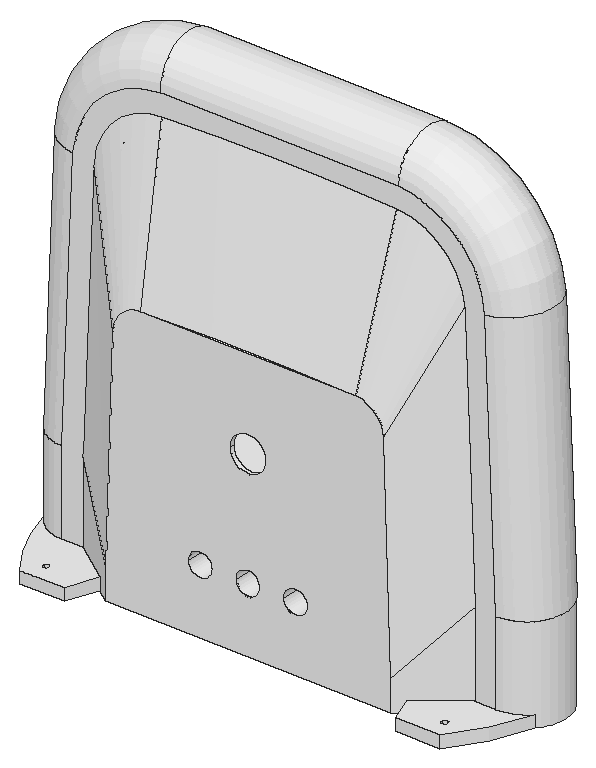
Revit family "Plumbing-Lavatories-Sloan-Valve-SS3065_", category Plumbing Fixtures, host Face, Revit 2019
Family settings
  Host = Face
  Round Connector Dimension = Use Diameter
  Part Type = Normal
  OmniClass Number = 23.45.05.14.14
  OmniClass Title = Sinks/Lavatories
  Cut with Voids When Loaded = Yes
  Shared = No
  Room Calculation Point = No
Parameters (values of type "SS-3065")
  Width = 21 1/2"  # constant formula
  Water Flow = 0 GPM
  Waste Connection = yes
  WFU = 2
  Vent Connection = yes
  Valve Pressure Drop = 0.00 psi
  URL = "www.sloanvalve.com"
  Shroud Visibility [instance] = yes
  Sanitary Drain Connector Description = "Sanitary Drain Connector d1 1/2\""
  Sanitary Drain Connection Diameter = 1 1/2"  # constant formula
  Product data url = "https://bimobject.com/sloan_valve/product/lavatories_sloan_ss-3065"
  Product Material = Sloan Valve - Vitreous China - White
  Product Guid = ""
  Part Number = "3873065"
  Model = "SS-3065"
  Manufacturer = "Sloan Valve"  # constant formula
  Keynote = "10000"
  Installation Height [instance] = 34"  # constant formula
  Hot Water Connector Description = "Hot Water Connector d1/2\""
  Hot Water Connection Diameter = 1/2"  # constant formula
  Height = 5 3/4"  # constant formula
  HWFU = 1.5
  HW Connection = yes
  Edition number = 1
  Description = "Vitreous China Wall-Mounted Ledgeback Lavatory."
  Depth = 20 1/2"  # constant formula
  Default Elevation = 0"
  Cold Water Connector Description = "Cold Water Connector d1/2\""
  Cold Water Connection Diameter = 1/2"  # constant formula
  CWFU = 1.5
  CW Connection = yes
  Assembly Code = "D2010400"
  ADA Compliant [instance] = 1 = 1  # yes
Types (3): name | Product Material | Part Number | Model | Description
  (no name) | Sloan Valve - Vitreous China - White | "3873065" | "SS-3065" | "Vitreous China Wall-Mounted Ledgeback Lavatory."
  SS-3065 | Sloan Valve - Vitreous China - White | "3873065" | "SS-3065" | "Vitreous China Wall-Mounted Ledgeback Lavatory."
  SS-3065-STG | Sloan Valve - Vitreous China - SloanTec Glaze White | "3873075" | "SS-3065-STG" | "Vitreous China Wall-Mounted Ledgeback Lavatory with SloanTec® Glaze."
Reference planes (in)
  plane 1 "Center (Front/Back)": y = 0
  plane 2: z = 0
  plane 3 "Center (Left/Right)": x = 0
  plane 4: x = -8.37453
  plane 5: y = 29
  plane 6: x = 2.00047
  plane 7: x = -1.99953
  plane 8: y = 34
  plane 9: x = -8.37453
  plane 10: y = 29
  plane 11: x = 2.00047
  plane 12: x = -1.99953
  plane 13: y = 34
Forms (in)
  Extrusion 1, solid, not visible
    sketch origin (0.00047, 34, 0) x (1, 0, 0) y (0, 1, 0)
      loop
        circle (0, -12) r 0.75
      loop
        circle (-1.75, -10) r 0.25
      loop
        circle (1.75, -10) r 0.25
    from 0 to 0.03278
  Sweep 2, solid, material "Sloan Valve - Vitreous China - White" <- "Product Material"
    path origin (0.00047, 34, 0) x (1, 0, 0) y (0, 0, 1)
      loop
        line (10.75, 0) -> (10.75, 4)
        arc (10.75, 4) -> (10.63473, 9.67543) -> (10.2891, 15.34149) r 139.77197
        arc (10.2891, 15.34149) -> (8.62245, 18.85679) -> (5.04692, 20.38998) r 5.5
        arc (5.04692, 20.38998) -> (0, 20.5) -> (-5.04692, 20.38998) r 115.8125
        arc (-5.04692, 20.38998) -> (-8.62245, 18.85679) -> (-10.2891, 15.34149) r 5.5
        arc (-10.2891, 15.34149) -> (-10.63473, 9.67543) -> (-10.75, 4) r 139.77197
        line (-10.75, 4) -> (-10.75, 0)
    profile origin (0.00047, 34, 20.5) x (0, 0, -1) y (0, -1, 0)
      loop
        arc (1.625, 3.25) -> (0, 1.625) -> (1.625, 0) r 1.625
        line (1.625, 0) -> (2.75, 0)
        arc (2.75, 0) -> (3.10355, 0.14645) -> (3.25, 0.5) r 0.5
        line (3.25, 0.5) -> (3.25, 3.25) -> (1.625, 3.25)
  Extrusion 3, solid, material "Sloan Valve - Vitreous China - White" <- "Product Material"
    sketch origin (0.00047, 34, 0) x (1, 0, 0) y (0, 1, 0)
      loop
        line (6.05085, -3.41482) -> (6.90078, -5.75) -> (8.75702, -5.75)
        arc (8.75702, -5.75) -> (9.91302, -3.86846) -> (10.53777, -1.75038) r 8.38585
        line (10.53777, -1.75038) -> (8.17985, -1.75038) -> (8.17985, -1.90656)
        arc (8.17985, -1.90656) -> (7.73809, -2.97306) -> (6.67158, -3.41482) r 1.50826
        line (6.67158, -3.41482) -> (6.05085, -3.41482)
      loop
        line (-6.17585, -3.41482) -> (-6.79658, -3.41482)
        arc (-6.79658, -3.41482) -> (-7.86309, -2.97306) -> (-8.30485, -1.90656) r 1.50826
        line (-8.30485, -1.90656) -> (-8.30485, -1.75038) -> (-10.66277, -1.75038)
        arc (-10.66277, -1.75038) -> (-10.03802, -3.86846) -> (-8.88202, -5.75) r 8.38585
        line (-8.88202, -5.75) -> (-7.02578, -5.75) -> (-6.17585, -3.41482)
      loop
        circle (-8.375, -5) r 0.125
      loop
        circle (8.375, -5) r 0.125
    from 0 to 0.5
  Blend 4, solid, material "Sloan Valve - Vitreous China - White" <- "Product Material"
    base sketch origin (0.00047, 34, 0) x (1, 0, 0) y (0, 0, 1)
      loop
        arc (-7.04982, 15.07778) -> (-6.368, 16.51585) -> (-4.90529, 17.14307) r 2.25
        arc (-4.90529, 17.14307) -> (0, 17.25) -> (4.90529, 17.14307) r 112.5625
        arc (4.90529, 17.14307) -> (6.368, 16.51585) -> (7.04982, 15.07778) r 2.25
        arc (7.04982, 15.07778) -> (7.38741, 9.54346) -> (7.5, 4) r 136.52197
        line (7.5, 4) -> (7.5, 0) -> (8.25, 0) -> (8.25, 4)
        arc (8.25, 4) -> (8.13679, 9.57391) -> (7.79734, 15.13863) r 137.27197
        arc (7.79734, 15.13863) -> (6.88826, 17.05607) -> (4.93797, 17.89235) r 3
        arc (4.93797, 17.89235) -> (0, 18) -> (-4.93797, 17.89235) r 113.3125
        arc (-4.93797, 17.89235) -> (-6.88826, 17.05607) -> (-7.79734, 15.13863) r 3
        arc (-7.79734, 15.13863) -> (-8.13679, 9.57391) -> (-8.25, 4) r 137.27197
        line (-8.25, 4) -> (-8.25, 0) -> (-7.5, 0) -> (-7.5, 4)
        arc (-7.5, 4) -> (-7.38741, 9.54346) -> (-7.04982, 15.07778) r 136.52197
    top sketch origin (0.00047, 34, 0) x (1, 0, 0) y (0, 0, 1)
      loop
        arc (-5.70027, 10.24166) -> (-5.92505, 5.74833) -> (-6, 1.25) r 135.02197
        line (-6, 1.25) -> (-6, 0) -> (-5.25, 0) -> (-5.25, 1.25)
        arc (-5.25, 1.25) -> (-5.17546, 5.72334) -> (-4.95194, 10.19172) r 134.27197
        arc (-4.95194, 10.19172) -> (-4.80206, 10.51646) -> (-4.4736, 10.658) r 0.5
        arc (-4.4736, 10.658) -> (0, 10.75) -> (4.4736, 10.658) r 108.8125
        arc (4.4736, 10.658) -> (4.80206, 10.51646) -> (4.95194, 10.19172) r 0.5
        arc (4.95194, 10.19172) -> (5.17546, 5.72334) -> (5.25, 1.25) r 134.27197
        line (5.25, 1.25) -> (5.25, 0) -> (6, 0) -> (6, 1.25)
        arc (6, 1.25) -> (5.92505, 5.74833) -> (5.70027, 10.24166) r 135.02197
        arc (5.70027, 10.24166) -> (5.32558, 11.05351) -> (4.50444, 11.40737) r 1.25
        arc (4.50444, 11.40737) -> (0, 11.5) -> (-4.50444, 11.40737) r 109.5625
        arc (-4.50444, 11.40737) -> (-5.32558, 11.05351) -> (-5.70027, 10.24166) r 1.25
    from 3.25 to 4.87009
  Extrusion 5, solid, material "Sloan Valve - Vitreous China - White" <- "Product Material"
    sketch origin (0.00047, 34, 0) x (1, 0, 0) y (0, 0, 1)
      loop
        arc (-5.70027, 10.24166) -> (-5.92505, 5.74833) -> (-6, 1.25) r 135.02197
        line (-6, 1.25) -> (-6, 0) -> (6, 0) -> (6, 1.25)
        arc (6, 1.25) -> (5.92505, 5.74833) -> (5.70027, 10.24166) r 135.02197
        arc (5.70027, 10.24166) -> (5.32558, 11.05351) -> (4.50444, 11.40737) r 1.25
        arc (4.50444, 11.40737) -> (0, 11.5) -> (-4.50444, 11.40737) r 109.5625
        arc (-4.50444, 11.40737) -> (-5.32558, 11.05351) -> (-5.70027, 10.24166) r 1.25
    from 4.70234 to 4.87009
  Extrusion 6, solid, material "Sloan Valve - Vitreous China - White" <- "Product Material"
    sketch origin (0.00047, 34, 0) x (1, 0, 0) y (0, 1, 0)
      loop
        line (-8.25, -0.1875) -> (-8.25, -2.90689) -> (-5.67692, -4.77634) -> (5.67692, -4.77634) -> (8.25, -2.90689) -> (8.25, -0.1875) -> (-8.25, -0.1875)
    from 0 to 5.22164
  Extrusion 7, void
    sketch origin (0.00047, 34, 0) x (1, 0, 0) y (0, 0, 1)
      loop
        circle (2, 2.75) r 0.5
      loop
        circle (0, 2.75) r 0.5
      loop
        circle (-2, 2.75) r 0.5
      loop
        circle (0, 7.625) r 0.75
    from -3.79383 to 8.56662
  Extrusion 8, solid, not visible
    sketch origin (0.00047, 34, 0) x (1, 0, 0) y (0, 1, 0)
      loop
        circle (0, -12) r 0.75
      loop
        circle (-1.75, -10) r 0.25
      loop
        circle (1.75, -10) r 0.25
    from 0 to 0.03278
  Sweep 9, solid, material "Sloan Valve - Vitreous China - White" <- "Product Material", not visible
    path origin (0.00047, 34, 0) x (1, 0, 0) y (0, 0, 1)
      loop
        line (10.75, 0) -> (10.75, 4)
        arc (10.75, 4) -> (10.63473, 9.67543) -> (10.2891, 15.34149) r 139.77197
        arc (10.2891, 15.34149) -> (8.62245, 18.85679) -> (5.04692, 20.38998) r 5.5
        arc (5.04692, 20.38998) -> (0, 20.5) -> (-5.04692, 20.38998) r 115.8125
        arc (-5.04692, 20.38998) -> (-8.62245, 18.85679) -> (-10.2891, 15.34149) r 5.5
        arc (-10.2891, 15.34149) -> (-10.63473, 9.67543) -> (-10.75, 4) r 139.77197
        line (-10.75, 4) -> (-10.75, 0)
    profile origin (0.00047, 34, 20.5) x (0, 0, -1) y (0, -1, 0)
      loop
        arc (1.625, 3.25) -> (0, 1.625) -> (1.625, 0) r 1.625
        line (1.625, 0) -> (2.75, 0)
        arc (2.75, 0) -> (3.10355, 0.14645) -> (3.25, 0.5) r 0.5
        line (3.25, 0.5) -> (3.25, 3.25) -> (1.625, 3.25)
  Extrusion 10, solid, material "Sloan Valve - Vitreous China - White" <- "Product Material", not visible
    sketch origin (0.00047, 34, 0) x (1, 0, 0) y (0, 1, 0)
      loop
        line (6.05085, -3.41482) -> (6.90078, -5.75) -> (8.75702, -5.75)
        arc (8.75702, -5.75) -> (9.91302, -3.86846) -> (10.53777, -1.75038) r 8.38585
        line (10.53777, -1.75038) -> (8.17985, -1.75038) -> (8.17985, -1.90656)
        arc (8.17985, -1.90656) -> (7.73809, -2.97306) -> (6.67158, -3.41482) r 1.50826
        line (6.67158, -3.41482) -> (6.05085, -3.41482)
      loop
        line (-6.17585, -3.41482) -> (-6.79658, -3.41482)
        arc (-6.79658, -3.41482) -> (-7.86309, -2.97306) -> (-8.30485, -1.90656) r 1.50826
        line (-8.30485, -1.90656) -> (-8.30485, -1.75038) -> (-10.66277, -1.75038)
        arc (-10.66277, -1.75038) -> (-10.03802, -3.86846) -> (-8.88202, -5.75) r 8.38585
        line (-8.88202, -5.75) -> (-7.02578, -5.75) -> (-6.17585, -3.41482)
      loop
        circle (-8.375, -5) r 0.125
      loop
        circle (8.375, -5) r 0.125
    from 0 to 0.5
  Blend 11, solid, material "Sloan Valve - Vitreous China - White" <- "Product Material", not visible
    base sketch origin (0.00047, 34, 0) x (1, 0, 0) y (0, 0, 1)
      loop
        arc (-7.04982, 15.07778) -> (-6.368, 16.51585) -> (-4.90529, 17.14307) r 2.25
        arc (-4.90529, 17.14307) -> (0, 17.25) -> (4.90529, 17.14307) r 112.5625
        arc (4.90529, 17.14307) -> (6.368, 16.51585) -> (7.04982, 15.07778) r 2.25
        arc (7.04982, 15.07778) -> (7.38741, 9.54346) -> (7.5, 4) r 136.52197
        line (7.5, 4) -> (7.5, 0) -> (8.25, 0) -> (8.25, 4)
        arc (8.25, 4) -> (8.13679, 9.57391) -> (7.79734, 15.13863) r 137.27197
        arc (7.79734, 15.13863) -> (6.88826, 17.05607) -> (4.93797, 17.89235) r 3
        arc (4.93797, 17.89235) -> (0, 18) -> (-4.93797, 17.89235) r 113.3125
        arc (-4.93797, 17.89235) -> (-6.88826, 17.05607) -> (-7.79734, 15.13863) r 3
        arc (-7.79734, 15.13863) -> (-8.13679, 9.57391) -> (-8.25, 4) r 137.27197
        line (-8.25, 4) -> (-8.25, 0) -> (-7.5, 0) -> (-7.5, 4)
        arc (-7.5, 4) -> (-7.38741, 9.54346) -> (-7.04982, 15.07778) r 136.52197
    top sketch origin (0.00047, 34, 0) x (1, 0, 0) y (0, 0, 1)
      loop
        arc (-5.70027, 10.24166) -> (-5.92505, 5.74833) -> (-6, 1.25) r 135.02197
        line (-6, 1.25) -> (-6, 0) -> (-5.25, 0) -> (-5.25, 1.25)
        arc (-5.25, 1.25) -> (-5.17546, 5.72334) -> (-4.95194, 10.19172) r 134.27197
        arc (-4.95194, 10.19172) -> (-4.80206, 10.51646) -> (-4.4736, 10.658) r 0.5
        arc (-4.4736, 10.658) -> (0, 10.75) -> (4.4736, 10.658) r 108.8125
        arc (4.4736, 10.658) -> (4.80206, 10.51646) -> (4.95194, 10.19172) r 0.5
        arc (4.95194, 10.19172) -> (5.17546, 5.72334) -> (5.25, 1.25) r 134.27197
        line (5.25, 1.25) -> (5.25, 0) -> (6, 0) -> (6, 1.25)
        arc (6, 1.25) -> (5.92505, 5.74833) -> (5.70027, 10.24166) r 135.02197
        arc (5.70027, 10.24166) -> (5.32558, 11.05351) -> (4.50444, 11.40737) r 1.25
        arc (4.50444, 11.40737) -> (0, 11.5) -> (-4.50444, 11.40737) r 109.5625
        arc (-4.50444, 11.40737) -> (-5.32558, 11.05351) -> (-5.70027, 10.24166) r 1.25
    from 3.25 to 4.87009
  Extrusion 12, solid, material "Sloan Valve - Vitreous China - White" <- "Product Material", not visible
    sketch origin (0.00047, 34, 0) x (1, 0, 0) y (0, 0, 1)
      loop
        arc (-5.70027, 10.24166) -> (-5.92505, 5.74833) -> (-6, 1.25) r 135.02197
        line (-6, 1.25) -> (-6, 0) -> (6, 0) -> (6, 1.25)
        arc (6, 1.25) -> (5.92505, 5.74833) -> (5.70027, 10.24166) r 135.02197
        arc (5.70027, 10.24166) -> (5.32558, 11.05351) -> (4.50444, 11.40737) r 1.25
        arc (4.50444, 11.40737) -> (0, 11.5) -> (-4.50444, 11.40737) r 109.5625
        arc (-4.50444, 11.40737) -> (-5.32558, 11.05351) -> (-5.70027, 10.24166) r 1.25
    from 4.70234 to 4.87009
  Extrusion 13, solid, material "Sloan Valve - Vitreous China - White" <- "Product Material", not visible
    sketch origin (0.00047, 34, 0) x (1, 0, 0) y (0, 1, 0)
      loop
        line (-8.25, -0.1875) -> (-8.25, -2.90689) -> (-5.67692, -4.77634) -> (5.67692, -4.77634) -> (8.25, -2.90689) -> (8.25, -0.1875) -> (-8.25, -0.1875)
    from 0 to 5.22164
  Extrusion 14, void, not visible
    sketch origin (0.00047, 34, 0) x (1, 0, 0) y (0, 0, 1)
      loop
        circle (2, 2.75) r 0.5
      loop
        circle (0, 2.75) r 0.5
      loop
        circle (-2, 2.75) r 0.5
      loop
        circle (0, 7.625) r 0.75
    from -3.79383 to 8.56662
Cuts and joins
  Extrusion 7 cuts Extrusion 5
  Extrusion 7 cuts Extrusion 6
  joined: Sweep 2, Extrusion 3, Blend 4, Extrusion 5, Extrusion 6
Lines and regions (in)
  Masking region 1
    outline origin (0.00047, 0, 0) x (1, 0, 0) y (0, 0, 1)
      loop
        line (10.75, 0) -> (10.75, 5.5)
        arc (10.75, 5.5) -> (10.64175, 10.44501) -> (10.31721, 15.38055) r 113.00301
        arc (10.31721, 15.38055) -> (8.63675, 18.87728) -> (5.06633, 20.39492) r 5.5
        arc (5.06633, 20.39492) -> (0, 20.5) -> (-5.06633, 20.39492) r 122.18524
        arc (-5.06633, 20.39492) -> (-8.63675, 18.87728) -> (-10.31721, 15.38055) r 5.5
        arc (-10.31721, 15.38055) -> (-10.64175, 10.44501) -> (-10.75, 5.5) r 113.00301
        line (-10.75, 5.5) -> (-10.75, 0) -> (10.75, 0)
  symbolic lines, detail levels medium+fine
    curve 1: arc (8.25047, 0, 4) -> (8.13726, 0, 9.57391) -> (7.79782, 0, 15.13863) r 137.27197
    curve 2: arc (-7.79687, 0, 15.13863) -> (-8.13631, 0, 9.57391) -> (-8.24953, 0, 4) r 137.27197
    curve 3: arc (-4.9375, 0, 17.89235) -> (-6.88779, 0, 17.05607) -> (-7.79687, 0, 15.13863) r 3
    curve 4: arc (7.79782, 0, 15.13863) -> (6.88873, 0, 17.05607) -> (4.93845, 0, 17.89235) r 3
    curve 5: arc (4.93845, 0, 17.89235) -> (0.00047, 0, 18) -> (-4.9375, 0, 17.89235) r 113.3125
    curve 6: line (8.25047, 0, 0) -> (8.25047, 0, 4)
    curve 7: line (-8.24953, 0, 4) -> (-8.24953, 0, 0)
  symbolic lines, detail levels fine
    curve 8: line (-8.24409, 0, 5.22164) -> (8.24504, 0, 5.22164)
    curve 9: circle (0.00047, 0, 7.625) r 0.75 normal (0, -1, 0)
    curve 10: circle (0.00047, 0, 2.75) r 0.5 normal (0, -1, 0)
    curve 11: circle (2.00047, 0, 2.75) r 0.5 normal (0, -1, 0)
    curve 12: circle (-1.99953, 0, 2.75) r 0.5 normal (0, -1, 0)
Dimensions and locks (in)
  plane 7 to plane 6 = 4"  (x2)
  "Installation Height": plane 8 to plane 1 "Center (Front/Back)"
  aligned and locked: plane 2 to host face
  aligned and locked: level to host face
Automatic sketch dimensions
  host sketch curve to host sketch curve = 96"  (x2)
  Extrusion 1 sketch curve to plane 8 = 10"
  Extrusion 1 sketch curve to Extrusion 1 sketch curve = 1 3/4"  (x2)
  Extrusion 1 sketch curve to Extrusion 1 sketch curve = 0"
  Extrusion 1 sketch curve to Extrusion 1 sketch curve = 2"
  Sweep 2 sketch curve to Sweep 2 sketch curve = 118.27197"  (x2)
  Sweep 2 sketch curve to Sweep 2 sketch curve = 5.94276"  (x2)
  Sweep 2 sketch curve to Sweep 2 sketch curve = 10 3/4"
  Sweep 2 sketch curve to Sweep 2 sketch curve = 9.61447"
  Sweep 2 sketch curve to Sweep 2 sketch curve = 99 5/16"
  Sweep 2 sketch curve to Sweep 2 sketch curve = 0"  (x5)
  Sweep 2 sketch curve to Sweep 2 sketch curve = 10.8952"
  Sweep 2 sketch curve to Sweep 2 sketch curve = 4"  (x2)
  Sweep 2 sketch curve to profile plane = 0"
  Sweep 2 sketch curve to profile plane = 1 5/8"
  profile plane to Sweep 2 sketch curve = 1/2"
  Sweep 2 sketch curve to Sweep 2 sketch curve = 1 1/8"  (x2)
  Extrusion 3 sketch curve to plane 4 = 0"
  plane 5 to Extrusion 3 sketch curve = 0"
  Extrusion 3 sketch curve to plane 5 = 0"
  Extrusion 3 sketch curve to plane 4 = 0.50702"
  Extrusion 3 sketch curve to plane 4 = 2.28777"
  plane 4 to Extrusion 3 sketch curve = 0.07015"
  Extrusion 3 sketch curve to plane 5 = 3/4"  (x2)
  plane 4 to Extrusion 3 sketch curve = 1.34922"
  plane 4 to Extrusion 3 sketch curve = 1.57842"
  Extrusion 3 sketch curve to Extrusion 3 sketch curve = 0.62074"  (x2)
  Extrusion 3 sketch curve to plane 8 = 0.45762"  (x2)
  Extrusion 3 sketch curve to Extrusion 3 sketch curve = 4.41942"
  Extrusion 3 sketch curve to Extrusion 3 sketch curve = 4.62934"
  plane 5 to Extrusion 3 sketch curve = 1.58518"  (x2)
  Extrusion 3 sketch curve to Extrusion 3 sketch curve = 3.79868"
  Extrusion 3 sketch curve to Extrusion 3 sketch curve = 0.2292"
  Extrusion 3 sketch curve to Extrusion 3 sketch curve = 1.50826"
  Extrusion 3 sketch curve to Extrusion 3 sketch curve = 1.47422"
  Extrusion 3 sketch curve to Extrusion 3 sketch curve = 0.38202"
  Extrusion 3 sketch curve to plane 8 = 1.75038"
  Blend 4 sketch curve to Blend 4 sketch curve = 0"  (x37)
  Blend 4 sketch curve to Blend 4 sketch curve = 120.77197"  (x2)
  Blend 4 sketch curve to Blend 4 sketch curve = 3/4"  (x4)
  Blend 4 sketch curve to Blend 4 sketch curve = 2.69276"  (x2)
  Blend 4 sketch curve to Blend 4 sketch curve = 7 1/2"
  Blend 4 sketch curve to Blend 4 sketch curve = 9.61447"
  Blend 4 sketch curve to Blend 4 sketch curve = 95 5/16"
  Blend 4 sketch curve to Blend 4 sketch curve = 4"
  Blend 4 sketch curve to Blend 4 sketch curve = 10.8952"
  Blend 4 sketch curve to Blend 4 sketch curve = 123.02197"  (x2)
  Blend 4 sketch curve to Blend 4 sketch curve = 0.79695"  (x2)
  Blend 4 sketch curve to Blend 4 sketch curve = 5 1/4"
  Blend 4 sketch curve to Blend 4 sketch curve = 8.90609"
  Blend 4 sketch curve to Blend 4 sketch curve = 98 1/16"
  Blend 4 sketch curve to Blend 4 sketch curve = 1 1/4"  (x2)
  Blend 4 sketch curve to Blend 4 sketch curve = 8.90842"
  Extrusion 5 sketch curve to Extrusion 5 sketch curve = 123.02197"  (x2)
  Extrusion 5 sketch curve to Extrusion 5 sketch curve = 1.54695"  (x2)
  Extrusion 5 sketch curve to Extrusion 5 sketch curve = 6"
  Extrusion 5 sketch curve to Extrusion 5 sketch curve = 8.90609"
  Extrusion 5 sketch curve to Extrusion 5 sketch curve = 98 1/16"
  Extrusion 5 sketch curve to Extrusion 5 sketch curve = 1 1/4"
  Extrusion 5 sketch curve to Extrusion 5 sketch curve = 0"  (x5)
  Extrusion 5 sketch curve to Extrusion 5 sketch curve = 8.90842"
  Extrusion 6 sketch curve to plane 8 = 2.90689"  (x2)
  Extrusion 6 sketch curve to Extrusion 6 sketch curve = 2.57308"  (x2)
  Extrusion 6 sketch curve to plane 8 = 4.77634"
  Extrusion 6 sketch curve to Extrusion 6 sketch curve = 11.35385"
  Extrusion 6 sketch curve to plane 8 = 3/16"
  Extrusion 7 sketch curve to plane 7 = 0"
  plane 6 to Extrusion 7 sketch curve = 0"
  Extrusion 7 sketch curve to Extrusion 7 sketch curve = 2"
  plane 6 to Extrusion 7 sketch curve = 2"
  Extrusion 7 sketch curve to Extrusion 7 sketch curve = 0"  (x2)
  Extrusion 7 sketch curve to Extrusion 7 sketch curve = 4 7/8"
  Extrusion 8 sketch curve to plane 13 = 10"
  Extrusion 8 sketch curve to Extrusion 8 sketch curve = 1 3/4"  (x2)
  Extrusion 8 sketch curve to Extrusion 8 sketch curve = 0"
  Extrusion 8 sketch curve to Extrusion 8 sketch curve = 2"
  Sweep 9 sketch curve to Sweep 9 sketch curve = 118.27197"  (x2)
  Sweep 9 sketch curve to Sweep 9 sketch curve = 5.94276"  (x2)
  Sweep 9 sketch curve to Sweep 9 sketch curve = 10 3/4"
  Sweep 9 sketch curve to Sweep 9 sketch curve = 9.61447"
  Sweep 9 sketch curve to Sweep 9 sketch curve = 99 5/16"
  Sweep 9 sketch curve to Sweep 9 sketch curve = 0"  (x5)
  Sweep 9 sketch curve to Sweep 9 sketch curve = 10.8952"
  Sweep 9 sketch curve to Sweep 9 sketch curve = 4"  (x2)
  Sweep 9 sketch curve to profile plane = 0"
  Sweep 9 sketch curve to profile plane = 1 5/8"
  profile plane to Sweep 9 sketch curve = 1/2"
  Sweep 9 sketch curve to Sweep 9 sketch curve = 1 1/8"  (x2)
  Extrusion 10 sketch curve to plane 9 = 0"
  plane 10 to Extrusion 10 sketch curve = 0"
  Extrusion 10 sketch curve to plane 10 = 0"
  Extrusion 10 sketch curve to plane 9 = 0.50702"
  Extrusion 10 sketch curve to plane 9 = 2.28777"
  plane 9 to Extrusion 10 sketch curve = 0.07015"
  Extrusion 10 sketch curve to plane 10 = 3/4"  (x2)
  plane 9 to Extrusion 10 sketch curve = 1.34922"
  plane 9 to Extrusion 10 sketch curve = 1.57842"
  Extrusion 10 sketch curve to Extrusion 10 sketch curve = 0.62074"  (x2)
  Extrusion 10 sketch curve to plane 13 = 0.45762"  (x2)
  Extrusion 10 sketch curve to Extrusion 10 sketch curve = 4.41942"
  Extrusion 10 sketch curve to Extrusion 10 sketch curve = 4.62934"
  plane 10 to Extrusion 10 sketch curve = 1.58518"  (x2)
  Extrusion 10 sketch curve to Extrusion 10 sketch curve = 3.79868"
  Extrusion 10 sketch curve to Extrusion 10 sketch curve = 0.2292"
  Extrusion 10 sketch curve to Extrusion 10 sketch curve = 1.50826"
  Extrusion 10 sketch curve to Extrusion 10 sketch curve = 1.47422"
  Extrusion 10 sketch curve to Extrusion 10 sketch curve = 0.38202"
  Extrusion 10 sketch curve to plane 13 = 1.75038"
  Blend 11 sketch curve to Blend 11 sketch curve = 0"  (x37)
  Blend 11 sketch curve to Blend 11 sketch curve = 120.77197"  (x2)
  Blend 11 sketch curve to Blend 11 sketch curve = 3/4"  (x4)
  Blend 11 sketch curve to Blend 11 sketch curve = 2.69276"  (x2)
  Blend 11 sketch curve to Blend 11 sketch curve = 7 1/2"
  Blend 11 sketch curve to Blend 11 sketch curve = 9.61447"
  Blend 11 sketch curve to Blend 11 sketch curve = 95 5/16"
  Blend 11 sketch curve to Blend 11 sketch curve = 4"
  Blend 11 sketch curve to Blend 11 sketch curve = 10.8952"
  Blend 11 sketch curve to Blend 11 sketch curve = 123.02197"  (x2)
  Blend 11 sketch curve to Blend 11 sketch curve = 0.79695"  (x2)
  Blend 11 sketch curve to Blend 11 sketch curve = 5 1/4"
  Blend 11 sketch curve to Blend 11 sketch curve = 8.90609"
  Blend 11 sketch curve to Blend 11 sketch curve = 98 1/16"
  Blend 11 sketch curve to Blend 11 sketch curve = 1 1/4"  (x2)
  Blend 11 sketch curve to Blend 11 sketch curve = 8.90842"
  Extrusion 12 sketch curve to Extrusion 12 sketch curve = 123.02197"  (x2)
  Extrusion 12 sketch curve to Extrusion 12 sketch curve = 1.54695"  (x2)
  Extrusion 12 sketch curve to Extrusion 12 sketch curve = 6"
  Extrusion 12 sketch curve to Extrusion 12 sketch curve = 8.90609"
  Extrusion 12 sketch curve to Extrusion 12 sketch curve = 98 1/16"
  Extrusion 12 sketch curve to Extrusion 12 sketch curve = 1 1/4"
  Extrusion 12 sketch curve to Extrusion 12 sketch curve = 0"  (x5)
  Extrusion 12 sketch curve to Extrusion 12 sketch curve = 8.90842"
  Extrusion 13 sketch curve to plane 13 = 2.90689"  (x2)
  Extrusion 13 sketch curve to Extrusion 13 sketch curve = 2.57308"  (x2)
  Extrusion 13 sketch curve to plane 13 = 4.77634"
  Extrusion 13 sketch curve to Extrusion 13 sketch curve = 11.35385"
  Extrusion 13 sketch curve to plane 13 = 3/16"
  Extrusion 14 sketch curve to plane 12 = 0"
  plane 11 to Extrusion 14 sketch curve = 0"
  Extrusion 14 sketch curve to Extrusion 14 sketch curve = 2"
  plane 11 to Extrusion 14 sketch curve = 2"
  Extrusion 14 sketch curve to Extrusion 14 sketch curve = 0"  (x2)
  Extrusion 14 sketch curve to Extrusion 14 sketch curve = 4 7/8"
  Masking region 1 sketch curve to level = 0"
  level to Masking region 1 sketch curve = 5 1/2"  (x2)
  Masking region 1 sketch curve to plane 3 "Center (Left/Right)" = 102.25253"
  Masking region 1 sketch curve to plane 3 "Center (Left/Right)" = 10.74953"
  Masking region 1 sketch curve to plane 3 "Center (Left/Right)" = 4.8378"
  plane 3 "Center (Left/Right)" to Masking region 1 sketch curve = 0.00047"
  plane 3 "Center (Left/Right)" to Masking region 1 sketch curve = 4.83875"
  plane 3 "Center (Left/Right)" to Masking region 1 sketch curve = 10.75047"
  Masking region 1 sketch curve to Masking region 1 sketch curve = 91.50301"
  Masking region 1 sketch curve to level = 101.68524"
  Masking region 1 sketch curve to Masking region 1 sketch curve = 9.39965"
  Masking region 1 sketch curve to Masking region 1 sketch curve = 0"  (x4)
  curve 7 to level = 0"
  curve 6 to level = 0"
  level to curve 1 = 4"
  curve 1 to plane 3 "Center (Left/Right)" = 129.0215"
  level to curve 7 = 4"
  curve 7 to plane 3 "Center (Left/Right)" = 8.24953"
  curve 3 to plane 3 "Center (Left/Right)" = 4.80676"
  curve 12 to plane 3 "Center (Left/Right)" = 1.99953"
  plane 3 "Center (Left/Right)" to curve 5 = 0.00047"
  plane 3 "Center (Left/Right)" to curve 10 = 0.00047"
  plane 3 "Center (Left/Right)" to curve 9 = 0.00047"
  plane 3 "Center (Left/Right)" to curve 4 = 4.80771"
  curve 11 to curve 6 = 6 1/4"
  curve 6 to curve 2 = 120.77197"
  curve 5 to level = 95 5/16"
  curve 12 to curve 10 = 0"
  curve 10 to curve 9 = 4 7/8"
  curve 9 to curve 3 = 7.2702"
  curve 9 to curve 4 = 7.2702"
  curve 2 to curve 8 = 0.00544"
  curve 3 to curve 2 = 0"
  curve 5 to curve 3 = 0"
  curve 4 to curve 5 = 0"
  curve 10 to curve 11 = 2"
  level to curve 10 = 2 3/4"
  curve 11 to curve 10 = 0"
  radius of Extrusion 1 sketch curve = 3/4"
  radius of Extrusion 1 sketch curve = 1/4"  (x2)
  radius of Extrusion 3 sketch curve = 1/8"  (x2)
  radius of Extrusion 7 sketch curve = 1/2"  (x3)
  radius of Extrusion 7 sketch curve = 3/4"
  radius of Extrusion 8 sketch curve = 3/4"
  radius of Extrusion 8 sketch curve = 1/4"  (x2)
  radius of Extrusion 10 sketch curve = 1/8"  (x2)
  radius of Extrusion 14 sketch curve = 1/2"  (x3)
  radius of Extrusion 14 sketch curve = 3/4"
  radius of curve 9 = 3/4"
  radius of curve 10 = 1/2"
  radius of curve 12 = 1/2"
  radius of curve 11 = 1/2"
Connectors (in)
  piping at (-1.74953, 24, 0), diameter 0.5, driven by "Hot Water Connection Diameter", driven by "HWFU", driven by "Valve Pressure Drop", driven by "Hot Water Connector Description"
    settings: on Extrusion 1, index 1, connector inside diameter 24", connector length 0", flow factor 0, pipe flow 0 GPM, pressure drop 0.00 psi, fitting loss kfactor 0, connector angle 0.00°, fixture units 1.5, engagement length 0", angle of deflection 0.00°, flow configuration 3, flow direction 1, fitting loss method 4, system type 19, joint type 0, gender type 0, connector reference index -1, connector utility 0, adjustable connector no, is connector primary yes, connector description "Hot Water Connector d1/2\""
  piping at (0.00047, 22, 0), diameter 1.5, driven by "Sanitary Drain Connection Diameter", driven by "WFU", driven by "Sanitary Drain Connector Description"
    settings: on Extrusion 1, index 2, connector inside diameter 24", connector length 0", flow factor 0, pipe flow 0 GPM, pressure drop 0.00 psi, fitting loss kfactor 0, connector angle 0.00°, fixture units 2, engagement length 0", angle of deflection 0.00°, flow configuration 3, flow direction 2, fitting loss method 0, system type 16, joint type 0, gender type 0, connector reference index -1, connector utility 0, adjustable connector no, is connector primary no, connector description "Sanitary Drain Connector d1 1/2\""
  piping at (1.75047, 24, 0), diameter 0.5, driven by "Cold Water Connection Diameter", driven by "CWFU", driven by "Valve Pressure Drop", driven by "Cold Water Connector Description"
    settings: on Extrusion 1, index 3, connector inside diameter 24", connector length 0", flow factor 0, pipe flow 0 GPM, pressure drop 0.00 psi, fitting loss kfactor 0, connector angle 0.00°, fixture units 1.5, engagement length 0", angle of deflection 0.00°, flow configuration 3, flow direction 1, fitting loss method 4, system type 20, joint type 0, gender type 0, connector reference index -1, connector utility 0, adjustable connector no, is connector primary no, connector description "Cold Water Connector d1/2\""
